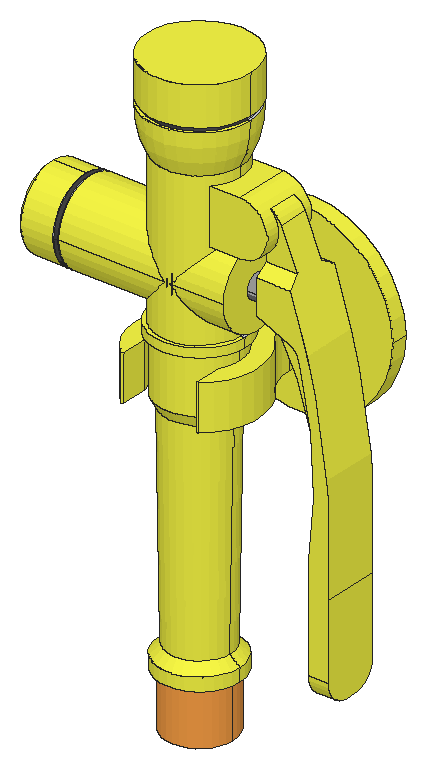
Revit family "Arbolesm UK - 3000", category Plumbing Fixtures, Revit 2015
Parameters (values of type "3100")
  URL = "www.arboles.co.uk"
  Pressure = "Min 2Bar, Max 8 Bar"
  Model = "3000"
  Manufacturer = "Arboles UK Ltd, Tel: 01204 388814"
  Included = "1.5 mtr flexible braided hose"
  Flow rate = "Min 15 Lts/min"
  Description = "Wall mounted hand held eyewash"
  Connections = "1/2\" BSP female loose nut"
  Colour = "Yellow Ral1016"
Reference planes (in)
  plane 1 "Center (Front/Back)": y = 0
  plane 2: z = 0
  plane 3 "Center (Left/Right)": x = 0
Dimensions and locks (in)
  aligned and locked: level to plane 2
Nested families (in)
  nested 1: "3120 Valve Body" at (0, 0, 0), type "3120 Valve Body"
  nested 2: "3000 wall hook" at (-1.07549, 1.89122, 2.99697), type "3000 wall hook"
Definition of nested family "3120 Valve Body"
  Reference planes (in)
    plane 1 "Center (Front/Back)": y = 0
    plane 2: z = 0
    plane 3 "Center (Left/Right)": x = 0
  Dimensions and locks (in)
    aligned and locked: level to plane 2
  Nested families (in)
    nested 1: "3120 BODYa" at (0, 0, 0), type "3120 BODYa"
    nested 2: "3120 LEVER" at (0.4049, -0.6644, -0.06936), type "3120 LEVER"
  Definition of nested family "3120 BODYa"
    Reference planes (in)
      plane 1 "Center (Front/Back)": y = 0
      plane 2: z = 0
      plane 3 "Center (Left/Right)": x = 0
    Forms (in)
      Revolve 1, solid
        sketch origin (0, 0, 0) x (1, 0, 0) y (0, 0, 1)
          loop
            line (0, 0) -> (0.49366, 0) -> (0.49366, 0.15836) -> (0.37782, 0.2742) -> (0.41861, 2.89198) -> (0.48969, 3.02911) -> (0.48969, 3.71177) -> (0.55957, 3.71177) -> (0.55957, 3.82466) -> (0.50723, 3.82466) -> (0.50723, 5.69662)
            arc (0.50723, 5.69662) -> (0.60344, 5.95851) -> (0.63148, 6.23609) r 1.1126
            line (0.63148, 6.23609) -> (0, 6.23609) -> (0, 0)
          axis (0, 6.23609) -> (0, 0)
        angle from 0 to 360
      Extrusion 2, solid
        sketch origin (0, 0, 0) x (0, 1, 0) y (0, 0, 1)
          loop
            circle (0, 4.45048) r 0.50394
        from 0 to -1.33858
      Extrusion 3, solid
        sketch origin (0, 0, 0) x (0, 1, 0) y (0, 0, 1)
          loop
            circle (0, 4.45048) r 0.50394
        from 0 to 0.69882
      Extrusion 4, solid
        sketch origin (0, 0, 0) x (0, 1, 0) y (0, 0, 1)
          loop
            circle (0, 4.45048) r 0.50394
        from 0 to 0.05906
      Extrusion 5, solid
        sketch origin (-1.33858, 0, 0) x (0, -1, 0) y (0, 0, 1)
          loop
            circle (0, 4.45048) r 0.50394
        from 0 to 0.05906
      Revolve 6, solid
        sketch origin (0, 0, 0) x (1, 0, 0) y (0, 0, 1)
          loop
            line (-1.39764, 4.45048) -> (-1.83246, 4.45048) -> (-1.83246, 3.98465) -> (-1.79567, 3.94786) -> (-1.39764, 3.94786) -> (-1.39764, 4.45048)
          axis (-1.83246, 4.45048) -> (-1.39764, 4.45048)
        angle from 0 to 360
      Extrusion 7, solid
        sketch origin (0, 0, 0) x (0, 1, 0) y (0, 0, 1)
          loop
            line (0, 4.9126) -> (0.33437, 4.9126) -> (0.33437, 5.58209) -> (-0.33512, 5.58209) -> (-0.33512, 4.9126) -> (0, 4.9126)
        from 0 to 1.10236
      Extrusion 8, void
        sketch origin (0, 0, 0) x (1, 0, 0) y (0, 0, 1)
          loop
            arc (0.76752, 5.58209) -> (1.10226, 5.24734) -> (0.76752, 4.9126) r 0.33474
            line (0.76752, 4.9126) -> (0.76752, 4.8386) -> (1.2758, 4.8386) -> (1.2758, 5.65592) -> (0.76752, 5.65592) -> (0.76752, 5.58209)
        from -0.45276 to 1.1811
      Extrusion 9, void
        sketch origin (0, 0, 0) x (0, 1, 0) y (0, 0, 1)
          loop
            line (-0.00038, 5.58209) -> (-0.15787, 5.58209) -> (-0.15787, 4.89373) -> (0.15817, 4.89373) -> (0.15817, 5.58209) -> (-0.00038, 5.58209)
        from 0 to 0.31496
      Extrusion 10, solid
        sketch origin (0.69882, 0, 0) x (0, 1, 0) y (0, 0, 1)
          loop
            circle (0, 4.45048) r 0.14764
        from 0 to 0.26531
      Extrusion 11, solid
        sketch origin (0, 0, 6.23609) x (1, 0, 0) y (0, 1, 0)
          loop
            circle (0, 0) r 0.59055
        from 0 to 0.05906
      Extrusion 12, solid
        sketch origin (0, 0, 6.29515) x (1, 0, 0) y (0, 1, 0)
          loop
            circle (0, 0) r 0.63513
        from 0 to 0.47244
      Extrusion 13, solid
        sketch origin (0, 0, 0) x (1, 0, 0) y (0, -1, 0)
          loop
            circle (0, 0) r 0.41339
        from 0 to 0.66929
    Cuts and joins
      Extrusion 8, Extrusion 9 cuts Extrusion 7
      Extrusion 9 cuts Revolve 1
      Extrusion 9 cuts Extrusion 2
      Extrusion 9 cuts Extrusion 3
      Extrusion 9 cuts Extrusion 4
    Lines and regions (in)
      reference lines
        curve 1: line (0, 0, 0) -> (0.49366, 0, 0)
        curve 2: line (0.49366, 0, 0) -> (0.49366, 0, 0.15836)
        curve 3: line (0.49366, 0, 0.15836) -> (0.37782, 0, 0.2742)
        curve 4: line (0.37782, 0, 0.2742) -> (0.41861, 0, 2.89198)
        curve 5: line (0.41861, 0, 2.89198) -> (0.48969, 0, 3.02911)
        curve 6: line (0.48969, 0, 3.02911) -> (0.48969, 0, 3.71177)
        curve 7: line (0.48969, 0, 3.71177) -> (0.55957, 0, 3.71177)
        curve 8: line (0.55957, 0, 3.71177) -> (0.55957, 0, 3.82466)
        curve 9: line (0.55957, 0, 3.82466) -> (0.43315, 0, 3.82466)
        curve 10: line (0.50723, 0, 3.82466) -> (0.50723, 0, 5.69662)
        curve 11: line (0, 0, 6.23609) -> (0.63148, 0, 6.23609)
        curve 12: line (0.50723, 0, 5.69662) -> (0.63148, 0, 6.23609)
        curve 13: line (0, 0, 0) -> (0, 0, 0.43307)
        curve 14: line (0, 0, 0) -> (0, 0, 4.45048)
        curve 15: line (0, 0, 4.45048) -> (0, -0.45276, 4.45048)
        curve 16: line (0, -0.45276, 4.45048) -> (0, -0.45276, 4.56006)
        curve 17: line (0, 0, 4.45048) -> (0, 0.45276, 4.45048)
        curve 18: line (0, 0.45276, 4.45048) -> (0, 0.45276, 4.56006)
        curve 19: line (1.10236, 0, 5.24734) -> (0.76752, 0, 5.24734)
        curve 20: line (0, 1.00366, 8.41224) -> (0, 0.84661, 8.41224)
        curve 21: line (0, 1.00366, 8.41224) -> (0, 0.84661, 8.41224)
        curve 22: line (0, 1.00366, 8.41224) -> (0, 0.84661, 8.41224)
    Dimensions and locks (in)
      aligned and locked: level to plane 2
  Definition of nested family "3120 LEVER"
    Reference planes (in)
      plane 1 "Center (Front/Back)": y = 0
      plane 2: z = 0
      plane 3 "Center (Left/Right)": x = 0
    Forms (in)
      Extrusion 1, solid
        sketch origin (-3.58934, 0.33437, 3.7746) x (0, 0, 1) y (1, 0, 0)
          loop
            line (-3.38402, 5.03643) -> (-3.38402, 4.79445) -> (-1.51456, 4.79445)
            arc (-1.51456, 4.79445) -> (-0.38559, 4.63068) -> (0.65031, 4.15287) r 3.97324
            line (0.65031, 4.15287) -> (1.28747, 4.15287) -> (1.28747, 3.99173)
            arc (1.28747, 3.99173) -> (1.34513, 3.85253) -> (1.48432, 3.79488) r 0.19685
            line (1.48432, 3.79488) -> (1.57823, 3.79488)
            arc (1.57823, 3.79488) -> (1.7399, 3.86184) -> (1.80686, 4.02351) r 0.22863
            line (1.80686, 4.02351) -> (1.80686, 4.06253)
            arc (1.80686, 4.06253) -> (1.76038, 4.222) -> (1.6355, 4.33154) r 0.29683
            arc (1.6355, 4.33154) -> (-0.22219, 4.9262) -> (-2.16962, 5.03643) r 7.72223
            line (-2.16962, 5.03643) -> (-3.38402, 5.03643)
        from 0 to 0.66929
      Extrusion 2, void
        sketch origin (1.44708, 0.33437, 0.39058) x (0, 0, -1) y (0, -1, 0)
          loop
            line (-5.19088, 0) -> (-5.19088, -0.15747) -> (-4.55678, -0.15747) -> (-4.43712, 0.01343) -> (-4.40709, 0.05632) -> (-5.19088, 0.05632) -> (-5.19088, 0)
        from 0 to 1.5748
      Extrusion 3, void
        sketch origin (1.44708, 0.33437, 0.39058) x (0, 0, -1) y (0, -1, 0)
          loop
            line (-5.19088, -0.66929) -> (-5.19088, -0.793) -> (-4.40017, -0.793) -> (-4.55537, -0.51302) -> (-5.19088, -0.51302) -> (-5.19088, -0.66929)
        from 0 to 1.5748
      Extrusion 4, void
        sketch origin (-3.58934, 0.33437, 3.7746) x (0, 0, 1) y (1, 0, 0)
          loop
            arc (0.47201, 4.55339) -> (0.42754, 4.61856) -> (0.36297, 4.6639) r 0.22045
            line (0.36297, 4.6639) -> (0.29557, 4.68277)
            arc (0.29557, 4.68277) -> (-0.761, 4.8509) -> (-1.82943, 4.7954) r 5.11079
            line (-1.82943, 4.7954) -> (-1.82943, 4.75685) -> (-1.82943, 3.95602) -> (0.65031, 3.95602) -> (0.65031, 4.15287) -> (0.47201, 4.55339)
        from 0 to 0.19685
      Extrusion 5, void
        sketch origin (0.56353, 0.33437, 5.06207) x (0, 0, 1) y (0, -1, 0)
          loop
            line (-4.67149, -0.33465) -> (-4.67149, -0.28224)
            arc (-4.67149, -0.28224) -> (-4.58882, -0.08267) -> (-4.38924, 0) r 0.28224
            line (-4.38924, 0) -> (-4.18531, 0) -> (-4.18531, 0.24309) -> (-4.8667, 0.24309) -> (-4.8667, -0.89105) -> (-4.18531, -0.89105) -> (-4.18531, -0.66929) -> (-4.38766, -0.66929)
            arc (-4.38766, -0.66929) -> (-4.58836, -0.58616) -> (-4.67149, -0.38546) r 0.28383
            line (-4.67149, -0.38546) -> (-4.67149, -0.33465)
        from 0 to 1.13313
    Cuts and joins
      Extrusion 2, Extrusion 3, Extrusion 4, Extrusion 5 cuts Extrusion 1
    Lines and regions (in)
      reference lines
        curve 1: line (0, 1.00366, 8.41224) -> (0, 0.84661, 8.41224)
    Dimensions and locks (in)
      aligned and locked: level to plane 2
Definition of nested family "3000 wall hook"
  Reference planes (in)
    plane 1 "Center (Front/Back)": y = 0
    plane 2: z = 0
    plane 3 "Center (Left/Right)": x = 0
  Forms (in)
    Extrusion 1, solid
      sketch origin (0, 0, 0) x (1, 0, 0) y (0, 1, 0)
        loop
          line (1.0591, -0.32946) -> (0.6654, -0.32946) -> (0.6654, -0.99704)
          arc (0.6654, -0.99704) -> (0.62493, -1.21189) -> (0.50907, -1.39729) r 0.59055
          arc (0.50907, -1.39729) -> (0.31268, -1.95345) -> (0.58036, -2.47903) r 0.74803
          arc (0.58036, -2.47903) -> (0.59722, -2.48121) -> (0.60634, -2.46686) r 0.01584
          line (0.60634, -2.46686) -> (0.60634, -2.14293)
          arc (0.60634, -2.14293) -> (0.62086, -1.63988) -> (1.0591, -1.39245) r 0.51181
          arc (1.0591, -1.39245) -> (1.49733, -1.63988) -> (1.51185, -2.14293) r 0.51181
          line (1.51185, -2.14293) -> (1.51185, -2.46589)
          arc (1.51185, -2.46589) -> (1.52125, -2.48065) -> (1.5386, -2.4784) r 0.0163
          arc (1.5386, -2.4784) -> (1.80554, -1.95295) -> (1.60912, -1.39729) r 0.74803
          arc (1.60912, -1.39729) -> (1.49326, -1.21189) -> (1.4528, -0.99704) r 0.59055
          line (1.4528, -0.99704) -> (1.4528, -0.32946) -> (1.0591, -0.32946)
      from 0 to 0.55118
    Extrusion 2, solid
      sketch origin (1.0591, -0.32946, 0) x (1, 0, 0) y (0, 0, -1)
        loop
          circle (0, -0.26875) r 1.14173
      from 0 to 0.19685
  Lines and regions (in)
    reference lines
      curve 1: line (1.0591, -0.32946, 0) -> (1.0591, -0.32946, 0.26875)
      curve 2: line (1.80663, -0.32946, 0.26875) -> (1.0591, -0.32946, 0.26875)
  Dimensions and locks (in)
    aligned and locked: level to plane 2
